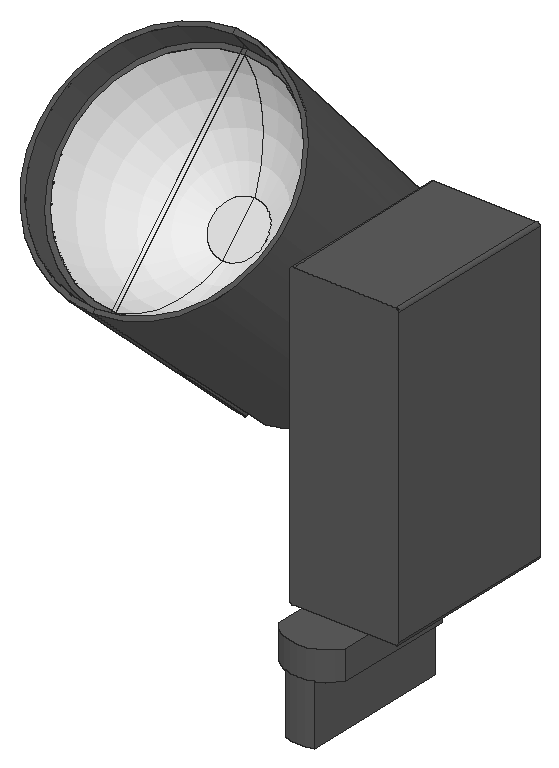
Revit family "0004906 Feilo Sylvania Lighting Fixture START TRACK SPOT L 55W 4K RA90 WB BLACK", category Lighting Fixtures, host Face, Revit 2017 (continued)
Definition of nested family "Start Track Spot Head"
  Types (96, lengths in mm): name | Wattage | built-in parameter 1150134 | Photometric Web File | Model | built-in parameter 1150105 | Lumens | built-in parameter 1150107 | built-in parameter 1150106 | HeadThickness_FEILO | HeadRibOffset_FEILO | HeadRibDepth_FEILO | HeadRibCutWidth_FEILO | HeadRibCutOffset_FEILO | HeadReflectorRadius_FEILO | HeadReflectorOffset_FEILO | HeadLEDRadius_FEILO | HeadHeight_FEILO | HeadDiffusorOffset_FEILO | HeadDiaOut_FEILO | HeadDiaIn_FEILO | HeadAxisFromTop_FEILO | Emit from Circle Diameter | built-in parameter 1150104 | Description | Apparent Load
    0004864 START TRACK SPOT S 24W 3K RA90 WB WHITE | 24 W | (empty or 0) | "0004864.ies" | "START TRACK SPOT S 24W 3K RA90 WB WHITE" | 152.79 (stored number, unit not read) | 1920 lm | 3000 (stored number, unit not read) | 1.5279 (stored number, unit not read) | 1.5 | 4.179 | 55.714 | 7.167 | 50.87 | 50.588 | 55.714 | 9.556 | 117 | 9.435 | 86 | 77.477 | 69.354 | 77.477 | 7.4322 (stored number, unit not read) | "Integrated LED spotlight, Textured White - RAL9016, compact and minimalist design, ideal for retail applications, die-cast aluminium body, passive cooling heatsink. Beam angle: 64°, color temperature: 3000K , total system power: 24W, total fixture output: 1928 lm, LOR: 100%, colour rendering: Ra: 90 typical, LED Chromaticity: 3 step MacAdam ellipse, lifetime: >50000 hours at L70B50, energy class: A++, A+, A, IR/UV free light source without heat radiation, operating voltage: 220-240V / 50-60Hz, drive current: 600mA, electronic driver, non-dimmable, power factor: 0.95, electrical protection: Class II, Global Track 3 Phase adapter suitable for Global trac 3-circuit tracks, ingress protection rating: IP20, suitable for internal environment only, horizontal rotation: 355°, vertical tilt: 90°, dimensions: Ø86x140x200, weight: 0.966kg." | 24 VA
    0004863 START TRACK SPOT S 24W 3K RA90 MB WHITE | 24 W | (empty or 0) | "0004863.ies" | "START TRACK SPOT S 24W 3K RA90 MB WHITE" | 154.7 (stored number, unit not read) | 1944 lm | 3000 (stored number, unit not read) | 1.547 (stored number, unit not read) | 1.5 | 4.179 | 55.714 | 7.167 | 50.87 | 50.588 | 55.714 | 9.556 | 117 | 9.435 | 86 | 77.477 | 69.354 | 77.477 | 7.5251 (stored number, unit not read) | "Integrated LED spotlight, Textured White - RAL9016, compact and minimalist design, ideal for retail applications, die-cast aluminium body, passive cooling heatsink. Beam angle: 36°, color temperature: 3000K , total system power: 24W, total fixture output: 1944 lm, LOR: 100%, colour rendering: Ra: 90 typical, LED Chromaticity: 3 step MacAdam ellipse, lifetime: >50000 hours at L70B50, energy class: A++, A+, A, IR/UV free light source without heat radiation, operating voltage: 220-240V / 50-60Hz, drive current: 600mA, electronic driver, non-dimmable, power factor: 0.95, electrical protection: Class II, Global Track 3 Phase adapter suitable for Global trac 3-circuit tracks, ingress protection rating: IP20, suitable for internal environment only, horizontal rotation: 355°, vertical tilt: 90°, dimensions: Ø86x140x200, weight: 0.966kg." | 24 VA
    0004862 START TRACK SPOT S 24W 3K RA90 NB WHITE | 24 W | (empty or 0) | "0004862.ies" | "START TRACK SPOT S 24W 3K RA90 NB WHITE" | 158.52 (stored number, unit not read) | 1992 lm | 3000 (stored number, unit not read) | 1.5852 (stored number, unit not read) | 1.5 | 4.179 | 55.714 | 7.167 | 50.87 | 50.588 | 55.714 | 9.556 | 117 | 9.435 | 86 | 77.477 | 69.354 | 77.477 | 7.711 (stored number, unit not read) | "Integrated LED spotlight, Textured White - RAL9016, compact and minimalist design, ideal for retail applications, die-cast aluminium body, passive cooling heatsink. Beam angle: 12°, color temperature: 3000K , total system power: 24W, total fixture output: 1987 lm, LOR: 100%, colour rendering: Ra: 90 typical, LED Chromaticity: 3 step MacAdam ellipse, lifetime: >50000 hours at L70B50, energy class: A++, A+, A, IR/UV free light source without heat radiation, operating voltage: 220-240V / 50-60Hz, drive current: 600mA, electronic driver, non-dimmable, power factor: 0.95, electrical protection: Class II, Global Track 3 Phase adapter suitable for Global trac 3-circuit tracks, ingress protection rating: IP20, suitable for internal environment only, horizontal rotation: 355°, vertical tilt: 90°, dimensions: Ø86x140x200, weight: 0.966kg." | 24 VA
    0004861 START TRACK SPOT S 14W 3K RA90 WB WHITE | 14 W | (empty or 0) | "0004861.ies" | "START TRACK SPOT S 14W 3K RA90 WB WHITE" | 100.27 (stored number, unit not read) | 1260 lm | 3000 (stored number, unit not read) | 1.0027 (stored number, unit not read) | 1.5 | 4.179 | 55.714 | 7.167 | 50.87 | 50.588 | 55.714 | 9.556 | 117 | 9.435 | 86 | 77.477 | 69.354 | 77.477 | 8.3613 (stored number, unit not read) | "Integrated LED spotlight, Textured White - RAL9016, compact and minimalist design, ideal for retail applications, die-cast aluminium body, passive cooling heatsink. Beam angle: 64°, color temperature: 3000K , total system power: 14W, total fixture output: 1262 lm, LOR: 100%, colour rendering: Ra: 90 typical, LED Chromaticity: 3 step MacAdam ellipse, lifetime: >50000 hours at L70B50, energy class: A++, A+, A, IR/UV free light source without heat radiation, operating voltage: 220-240V / 50-60Hz, drive current: 350mA, electronic driver, non-dimmable, power factor: 0.92, electrical protection: Class II, Global Track 3 Phase adapter suitable for Global trac 3-circuit tracks, ingress protection rating: IP20, suitable for internal environment only, horizontal rotation: 355°, vertical tilt: 90°, dimensions: Ø86x140x200, weight: 0.940kg." | 14 VA
    0004860 START TRACK SPOT S 14W 3K RA90 MB WHITE | 14 W | (empty or 0) | "0004860.ies" | "START TRACK SPOT S 14W 3K RA90 MB WHITE" | 100.27 (stored number, unit not read) | 1260 lm | 3000 (stored number, unit not read) | 1.0027 (stored number, unit not read) | 1.5 | 4.179 | 55.714 | 7.167 | 50.87 | 50.588 | 55.714 | 9.556 | 117 | 9.435 | 86 | 77.477 | 69.354 | 77.477 | 8.3613 (stored number, unit not read) | "Integrated LED spotlight, Textured White - RAL9016, compact and minimalist design, ideal for retail applications, die-cast aluminium body, passive cooling heatsink. Beam angle: 36°, color temperature: 3000K , total system power: 14W, total fixture output: 1262 lm, LOR: 100%, colour rendering: Ra: 90 typical, LED Chromaticity: 3 step MacAdam ellipse, lifetime: >50000 hours at L70B50, energy class: A++, A+, A, IR/UV free light source without heat radiation, operating voltage: 220-240V / 50-60Hz, drive current: 350mA, electronic driver, non-dimmable, power factor: 0.92, electrical protection: Class II, Global Track 3 Phase adapter suitable for Global trac 3-circuit tracks, ingress protection rating: IP20, suitable for internal environment only, horizontal rotation: 355°, vertical tilt: 90°, dimensions: Ø86x140x200, weight: 0.940kg." | 14 VA
    0004859 START TRACK SPOT S 14W 3K RA90 NB WHITE | 14 W | (empty or 0) | "0004859.ies" | "START TRACK SPOT S 14W 3K RA90 NB WHITE" | 102.5 (stored number, unit not read) | 1288 lm | 3000 (stored number, unit not read) | 1.025 (stored number, unit not read) | 1.5 | 4.179 | 55.714 | 7.167 | 50.87 | 50.588 | 55.714 | 9.556 | 117 | 9.435 | 86 | 77.477 | 69.354 | 77.477 | 8.5471 (stored number, unit not read) | "Integrated LED spotlight, Textured White - RAL9016, compact and minimalist design, ideal for retail applications, die-cast aluminium body, passive cooling heatsink. Beam angle: 12°, color temperature: 3000K , total system power: 14W, total fixture output: 1284 lm, LOR: 100%, colour rendering: Ra: 90 typical, LED Chromaticity: 3 step MacAdam ellipse, lifetime: >50000 hours at L70B50, energy class: A++, A+, A, IR/UV free light source without heat radiation, operating voltage: 220-240V / 50-60Hz, drive current: 350mA, electronic driver, non-dimmable, power factor: 0.92, electrical protection: Class II, Global Track 3 Phase adapter suitable for Global trac 3-circuit tracks, ingress protection rating: IP20, suitable for internal environment only, horizontal rotation: 355°, vertical tilt: 90°, dimensions: Ø86x140x200, weight: 0.940kg." | 14 VA
    0004858 START TRACK SPOT L 55W 4K RA80 WB BLACK | 55 W | 12 | "0004858.ies" | "START TRACK SPOT L 55W 4K RA80 WB BLACK" | 424.55 (stored number, unit not read) | 5335 lm | 4000 (stored number, unit not read) | 4.2455 (stored number, unit not read) | 2 | 4.429 | 59.048 | 9.417 | 53.913 | 66.471 | 59.048 | 12.556 | 124 | 10 | 113 | 101.802 | 73.503 | 101.802 | 9.0116 (stored number, unit not read) | "Integrated LED spotlight, Textured Black - RAL9005, compact and minimalist design, ideal for retail applications, die-cast aluminium body, passive cooling heatsink. Beam angle: 52°, color temperature: 4000K , total system power: 55W, total fixture output: 5320 lm, LOR: 100%, colour rendering: Ra: 80 typical, LED Chromaticity: 3 step MacAdam ellipse, lifetime: >50000 hours at L70B50, energy class: A++, A+, A, IR/UV free light source without heat radiation, operating voltage: 220-240V / 50-60Hz, drive current: 1400mA, electronic driver, non-dimmable, power factor: 0.96, electrical protection: Class II, Global Track 3 Phase adapter suitable for Global trac 3-circuit tracks, ingress protection rating: IP20, suitable for internal environment only, horizontal rotation: 355°, vertical tilt: 90°, dimensions: Ø113x164x240, weight: 1.398kg." | 55 VA
    0004857 START TRACK SPOT L 55W 4K RA80 MB BLACK | 55 W | 12 | "0004857.ies" | "START TRACK SPOT L 55W 4K RA80 MB BLACK" | 428.92 (stored number, unit not read) | 5390 lm | 4000 (stored number, unit not read) | 4.2892 (stored number, unit not read) | 2 | 4.429 | 59.048 | 9.417 | 53.913 | 66.471 | 59.048 | 12.556 | 124 | 10 | 113 | 101.802 | 73.503 | 101.802 | 9.1045 (stored number, unit not read) | "Integrated LED spotlight, Textured Black - RAL9005, compact and minimalist design, ideal for retail applications, die-cast aluminium body, passive cooling heatsink. Beam angle: 38°, color temperature: 4000K , total system power: 55W, total fixture output: 5378 lm, LOR: 100%, colour rendering: Ra: 80 typical, LED Chromaticity: 3 step MacAdam ellipse, lifetime: >50000 hours at L70B50, energy class: A++, A+, A, IR/UV free light source without heat radiation, operating voltage: 220-240V / 50-60Hz, drive current: 1400mA, electronic driver, non-dimmable, power factor: 0.96, electrical protection: Class II, Global Track 3 Phase adapter suitable for Global trac 3-circuit tracks, ingress protection rating: IP20, suitable for internal environment only, horizontal rotation: 355°, vertical tilt: 90°, dimensions: Ø113x164x240, weight: 1.398kg." | 55 VA
    0004856 START TRACK SPOT L 55W 4K RA80 NB BLACK | 55 W | 12 | "0004856.ies" | "START TRACK SPOT L 55W 4K RA80 NB BLACK" | 433.3 (stored number, unit not read) | 5445 lm | 4000 (stored number, unit not read) | 4.333 (stored number, unit not read) | 2 | 4.429 | 59.048 | 9.417 | 53.913 | 66.471 | 59.048 | 12.556 | 124 | 10 | 113 | 101.802 | 73.503 | 101.802 | 9.1974 (stored number, unit not read) | "Integrated LED spotlight, Textured Black - RAL9005, compact and minimalist design, ideal for retail applications, die-cast aluminium body, passive cooling heatsink. Beam angle: 15°, color temperature: 4000K , total system power: 55W, total fixture output: 5426 lm, LOR: 100%, colour rendering: Ra: 80 typical, LED Chromaticity: 3 step MacAdam ellipse, lifetime: >50000 hours at L70B50, energy class: A++, A+, A, IR/UV free light source without heat radiation, operating voltage: 220-240V / 50-60Hz, drive current: 1400mA, electronic driver, non-dimmable, power factor: 0.96, electrical protection: Class II, Global Track 3 Phase adapter suitable for Global trac 3-circuit tracks, ingress protection rating: IP20, suitable for internal environment only, horizontal rotation: 355°, vertical tilt: 90°, dimensions: Ø113x164x240, weight: 1.398kg." | 55 VA
    0004855 START TRACK SPOT L 35W 4K RA80 WB BLACK | 35 W | 12 | "0004855.ies" | "START TRACK SPOT L 35W 4K RA80 WB BLACK" | 320.3 (stored number, unit not read) | 4025 lm | 4000 (stored number, unit not read) | 3.203 (stored number, unit not read) | 2 | 4.429 | 59.048 | 9.417 | 53.913 | 66.471 | 59.048 | 12.556 | 124 | 10 | 113 | 101.802 | 73.503 | 101.802 | 10.684 (stored number, unit not read) | "Integrated LED spotlight, Textured Black - RAL9005, compact and minimalist design, ideal for retail applications, die-cast aluminium body, passive cooling heatsink. Beam angle: 52°, color temperature: 4000K , total system power: 35W, total fixture output: 4010 lm, LOR: 100%, colour rendering: Ra: 80 typical, LED Chromaticity: 3 step MacAdam ellipse, lifetime: >50000 hours at L70B50, energy class: A++, A+, A, IR/UV free light source without heat radiation, operating voltage: 220-240V / 50-60Hz, drive current: 900mA, electronic driver, non-dimmable, power factor: 0.93, electrical protection: Class II, Global Track 3 Phase adapter suitable for Global trac 3-circuit tracks, ingress protection rating: IP20, suitable for internal environment only, horizontal rotation: 355°, vertical tilt: 90°, dimensions: Ø113x164x240, weight: 1.368kg." | 35 VA
    0004854 START TRACK SPOT L 35W 4K RA80 MB BLACK | 35 W | 12 | "0004854.ies" | "START TRACK SPOT L 35W 4K RA80 MB BLACK" | 320.3 (stored number, unit not read) | 4025 lm | 4000 (stored number, unit not read) | 3.203 (stored number, unit not read) | 2 | 4.429 | 59.048 | 9.417 | 53.913 | 66.471 | 59.048 | 12.556 | 124 | 10 | 113 | 101.802 | 73.503 | 101.802 | 10.684 (stored number, unit not read) | "Integrated LED spotlight, Textured Black - RAL9005, compact and minimalist design, ideal for retail applications, die-cast aluminium body, passive cooling heatsink. Beam angle: 38°, color temperature: 4000K , total system power: 35W, total fixture output: 4017 lm, LOR: 100%, colour rendering: Ra: 80 typical, LED Chromaticity: 3 step MacAdam ellipse, lifetime: >50000 hours at L70B50, energy class: A++, A+, A, IR/UV free light source without heat radiation, operating voltage: 220-240V / 50-60Hz, drive current: 900mA, electronic driver, non-dimmable, power factor: 0.93, electrical protection: Class II, Global Track 3 Phase adapter suitable for Global trac 3-circuit tracks, ingress protection rating: IP20, suitable for internal environment only, horizontal rotation: 355°, vertical tilt: 90°, dimensions: Ø113x164x240, weight: 1.368kg." | 35 VA
    0004853 START TRACK SPOT L 35W 4K RA80 NB BLACK | 35 W | 12 | "0004853.ies" | "START TRACK SPOT L 35W 4K RA80 NB BLACK" | 331.44 (stored number, unit not read) | 4165 lm | 4000 (stored number, unit not read) | 3.3144 (stored number, unit not read) | 2 | 4.429 | 59.048 | 9.417 | 53.913 | 66.471 | 59.048 | 12.556 | 124 | 10 | 113 | 101.802 | 73.503 | 101.802 | 11.055 (stored number, unit not read) | "Integrated LED spotlight, Textured Black - RAL9005, compact and minimalist design, ideal for retail applications, die-cast aluminium body, passive cooling heatsink. Beam angle: 15°, color temperature: 4000K , total system power: 35W, total fixture output: 4174 lm, LOR: 100%, colour rendering: Ra: 80 typical, LED Chromaticity: 3 step MacAdam ellipse, lifetime: >50000 hours at L70B50, energy class: A++, A+, A, IR/UV free light source without heat radiation, operating voltage: 220-240V / 50-60Hz, drive current: 900mA, electronic driver, non-dimmable, power factor: 0.93, electrical protection: Class II, Global Track 3 Phase adapter suitable for Global trac 3-circuit tracks, ingress protection rating: IP20, suitable for internal environment only, horizontal rotation: 355°, vertical tilt: 90°, dimensions: Ø113x164x240, weight: 1.368kg." | 35 VA
    0004852 START TRACK SPOT S 24W 4K RA80 WB BLACK | 24 W | 12 | "0004852.ies" | "START TRACK SPOT S 24W 4K RA80 WB BLACK" | 196.72 (stored number, unit not read) | 2472 lm | 4000 (stored number, unit not read) | 1.9672 (stored number, unit not read) | 1.5 | 4.179 | 55.714 | 7.167 | 50.87 | 50.588 | 55.714 | 9.556 | 117 | 9.435 | 86 | 77.477 | 69.354 | 77.477 | 9.569 (stored number, unit not read) | "Integrated LED spotlight, Textured Black - RAL9005, compact and minimalist design, ideal for retail applications, die-cast aluminium body, passive cooling heatsink. Beam angle: 64°, color temperature: 4000K , total system power: 24W, total fixture output: 2476 lm, LOR: 100%, colour rendering: Ra: 80 typical, LED Chromaticity: 3 step MacAdam ellipse, lifetime: >50000 hours at L70B50, energy class: A++, A+, A, IR/UV free light source without heat radiation, operating voltage: 220-240V / 50-60Hz, drive current: 600mA, electronic driver, non-dimmable, power factor: 0.95, electrical protection: Class II, Global Track 3 Phase adapter suitable for Global trac 3-circuit tracks, ingress protection rating: IP20, suitable for internal environment only, horizontal rotation: 355°, vertical tilt: 90°, dimensions: Ø86x140x200, weight: 0.966kg." | 24 VA
    0004851 START TRACK SPOT S 24W 4K RA80 MB BLACK | 24 W | 12 | "0004851.ies" | "START TRACK SPOT S 24W 4K RA80 MB BLACK" | 198.63 (stored number, unit not read) | 2496 lm | 4000 (stored number, unit not read) | 1.9863 (stored number, unit not read) | 1.5 | 4.179 | 55.714 | 7.167 | 50.87 | 50.588 | 55.714 | 9.556 | 117 | 9.435 | 86 | 77.477 | 69.354 | 77.477 | 9.6619 (stored number, unit not read) | "Integrated LED spotlight, Textured Black - RAL9005, compact and minimalist design, ideal for retail applications, die-cast aluminium body, passive cooling heatsink. Beam angle: 36°, color temperature: 4000K , total system power: 24W, total fixture output: 2487 lm, LOR: 100%, colour rendering: Ra: 80 typical, LED Chromaticity: 3 step MacAdam ellipse, lifetime: >50000 hours at L70B50, energy class: A++, A+, A, IR/UV free light source without heat radiation, operating voltage: 220-240V / 50-60Hz, drive current: 600mA, electronic driver, non-dimmable, power factor: 0.95, electrical protection: Class II, Global Track 3 Phase adapter suitable for Global trac 3-circuit tracks, ingress protection rating: IP20, suitable for internal environment only, horizontal rotation: 355°, vertical tilt: 90°, dimensions: Ø86x140x200, weight: 0.966kg." | 24 VA
    0004850 START TRACK SPOT S 24W 4K RA80 NB BLACK | 24 W | 12 | "0004850.ies" | "START TRACK SPOT S 24W 4K RA80 NB BLACK" | 200.54 (stored number, unit not read) | 2520 lm | 4000 (stored number, unit not read) | 2.0054 (stored number, unit not read) | 1.5 | 4.179 | 55.714 | 7.167 | 50.87 | 50.588 | 55.714 | 9.556 | 117 | 9.435 | 86 | 77.477 | 69.354 | 77.477 | 9.7548 (stored number, unit not read) | "Integrated LED spotlight, Textured Black - RAL9005, compact and minimalist design, ideal for retail applications, die-cast aluminium body, passive cooling heatsink. Beam angle: 12°, color temperature: 4000K , total system power: 24W, total fixture output: 2529 lm, LOR: 100%, colour rendering: Ra: 80 typical, LED Chromaticity: 3 step MacAdam ellipse, lifetime: >50000 hours at L70B50, energy class: A++, A+, A, IR/UV free light source without heat radiation, operating voltage: 220-240V / 50-60Hz, drive current: 600mA, electronic driver, non-dimmable, power factor: 0.95, electrical protection: Class II, Global Track 3 Phase adapter suitable for Global trac 3-circuit tracks, ingress protection rating: IP20, suitable for internal environment only, horizontal rotation: 355°, vertical tilt: 90°, dimensions: Ø86x140x200, weight: 0.966kg." | 24 VA
    0004849 START TRACK SPOT S 14W 4K RA80 WB BLACK | 14 W | 12 | "0004849.ies" | "START TRACK SPOT S 14W 4K RA80 WB BLACK" | 123.66 (stored number, unit not read) | 1554 lm | 4000 (stored number, unit not read) | 1.2366 (stored number, unit not read) | 1.5 | 4.179 | 55.714 | 7.167 | 50.87 | 50.588 | 55.714 | 9.556 | 117 | 9.435 | 86 | 77.477 | 69.354 | 77.477 | 10.312 (stored number, unit not read) | "Integrated LED spotlight, Textured Black - RAL9005, compact and minimalist design, ideal for retail applications, die-cast aluminium body, passive cooling heatsink. Beam angle: 64°, color temperature: 4000K , total system power: 14W, total fixture output: 1558 lm, LOR: 100%, colour rendering: Ra: 80 typical, LED Chromaticity: 3 step MacAdam ellipse, lifetime: >50000 hours at L70B50, energy class: A++, A+, A, IR/UV free light source without heat radiation, operating voltage: 220-240V / 50-60Hz, drive current: 350mA, electronic driver, non-dimmable, power factor: 0.92, electrical protection: Class II, Global Track 3 Phase adapter suitable for Global trac 3-circuit tracks, ingress protection rating: IP20, suitable for internal environment only, horizontal rotation: 355°, vertical tilt: 90°, dimensions: Ø86x140x200, weight: 0.940kg." | 14 VA
    0004848 START TRACK SPOT S 14W 4K RA80 MB BLACK | 14 W | 12 | "0004848.ies" | "START TRACK SPOT S 14W 4K RA80 MB BLACK" | 127.01 (stored number, unit not read) | 1596 lm | 4000 (stored number, unit not read) | 1.2701 (stored number, unit not read) | 1.5 | 4.179 | 55.714 | 7.167 | 50.87 | 50.588 | 55.714 | 9.556 | 117 | 9.435 | 86 | 77.477 | 69.354 | 77.477 | 10.591 (stored number, unit not read) | "Integrated LED spotlight, Textured Black - RAL9005, compact and minimalist design, ideal for retail applications, die-cast aluminium body, passive cooling heatsink. Beam angle: 36°, color temperature: 4000K , total system power: 14W, total fixture output: 1598 lm, LOR: 100%, colour rendering: Ra: 80 typical, LED Chromaticity: 3 step MacAdam ellipse, lifetime: >50000 hours at L70B50, energy class: A++, A+, A, IR/UV free light source without heat radiation, operating voltage: 220-240V / 50-60Hz, drive current: 350mA, electronic driver, non-dimmable, power factor: 0.92, electrical protection: Class II, Global Track 3 Phase adapter suitable for Global trac 3-circuit tracks, ingress protection rating: IP20, suitable for internal environment only, horizontal rotation: 355°, vertical tilt: 90°, dimensions: Ø86x140x200, weight: 0.940kg." | 14 VA
    0004847 START TRACK SPOT S 14W 4K RA80 NB BLACK | 14 W | 12 | "0004847.ies" | "START TRACK SPOT S 14W 4K RA80 NB BLACK" | 128.12 (stored number, unit not read) | 1610 lm | 4000 (stored number, unit not read) | 1.2812 (stored number, unit not read) | 1.5 | 4.179 | 55.714 | 7.167 | 50.87 | 50.588 | 55.714 | 9.556 | 117 | 9.435 | 86 | 77.477 | 69.354 | 77.477 | 10.684 (stored number, unit not read) | "Integrated LED spotlight, Textured Black - RAL9005, compact and minimalist design, ideal for retail applications, die-cast aluminium body, passive cooling heatsink. Beam angle: 12°, color temperature: 4000K , total system power: 14W, total fixture output: 1608 lm, LOR: 100%, colour rendering: Ra: 80 typical, LED Chromaticity: 3 step MacAdam ellipse, lifetime: >50000 hours at L70B50, energy class: A++, A+, A, IR/UV free light source without heat radiation, operating voltage: 220-240V / 50-60Hz, drive current: 350mA, electronic driver, non-dimmable, power factor: 0.92, electrical protection: Class II, Global Track 3 Phase adapter suitable for Global trac 3-circuit tracks, ingress protection rating: IP20, suitable for internal environment only, horizontal rotation: 355°, vertical tilt: 90°, dimensions: Ø86x140x200, weight: 0.940kg." | 14 VA
    0004846 START TRACK SPOT L 55W 3K RA80 WB BLACK | 55 W | (empty or 0) | "0004846.ies" | "START TRACK SPOT L 55W 3K RA80 WB BLACK" | 420.17 (stored number, unit not read) | 5280 lm | 3000 (stored number, unit not read) | 4.2017 (stored number, unit not read) | 2 | 4.429 | 59.048 | 9.417 | 53.913 | 66.471 | 59.048 | 12.556 | 124 | 10 | 113 | 101.802 | 73.503 | 101.802 | 8.9187 (stored number, unit not read) | "Integrated LED spotlight, Textured Black - RAL9005, compact and minimalist design, ideal for retail applications, die-cast aluminium body, passive cooling heatsink. Beam angle: 52°, color temperature: 3000K , total system power: 55W, total fixture output: 5298 lm, LOR: 100%, colour rendering: Ra: 80 typical, LED Chromaticity: 3 step MacAdam ellipse, lifetime: >50000 hours at L70B50, energy class: A++, A+, A, IR/UV free light source without heat radiation, operating voltage: 220-240V / 50-60Hz, drive current: 1400mA, electronic driver, non-dimmable, power factor: 0.96, electrical protection: Class II, Global Track 3 Phase adapter suitable for Global trac 3-circuit tracks, ingress protection rating: IP20, suitable for internal environment only, horizontal rotation: 355°, vertical tilt: 90°, dimensions: Ø113x164x240, weight: 1.398kg." | 55 VA
    0004845 START TRACK SPOT L 55W 3K RA80 MB BLACK | 55 W | (empty or 0) | "0004845.ies" | "START TRACK SPOT L 55W 3K RA80 MB BLACK" | 428.92 (stored number, unit not read) | 5390 lm | 3000 (stored number, unit not read) | 4.2892 (stored number, unit not read) | 2 | 4.429 | 59.048 | 9.417 | 53.913 | 66.471 | 59.048 | 12.556 | 124 | 10 | 113 | 101.802 | 73.503 | 101.802 | 9.1045 (stored number, unit not read) | "Integrated LED spotlight, Textured Black - RAL9005, compact and minimalist design, ideal for retail applications, die-cast aluminium body, passive cooling heatsink. Beam angle: 38°, color temperature: 3000K , total system power: 55W, total fixture output: 5381 lm, LOR: 100%, colour rendering: Ra: 80 typical, LED Chromaticity: 3 step MacAdam ellipse, lifetime: >50000 hours at L70B50, energy class: A++, A+, A, IR/UV free light source without heat radiation, operating voltage: 220-240V / 50-60Hz, drive current: 1400mA, electronic driver, non-dimmable, power factor: 0.96, electrical protection: Class II, Global Track 3 Phase adapter suitable for Global trac 3-circuit tracks, ingress protection rating: IP20, suitable for internal environment only, horizontal rotation: 355°, vertical tilt: 90°, dimensions: Ø113x164x240, weight: 1.398kg." | 55 VA
    0004844 START TRACK SPOT L 55W 3K RA80 NB BLACK | 55 W | (empty or 0) | "0004844.ies" | "START TRACK SPOT L 55W 3K RA80 NB BLACK" | 433.3 (stored number, unit not read) | 5445 lm | 3000 (stored number, unit not read) | 4.333 (stored number, unit not read) | 2 | 4.429 | 59.048 | 9.417 | 53.913 | 66.471 | 59.048 | 12.556 | 124 | 10 | 113 | 101.802 | 73.503 | 101.802 | 9.1974 (stored number, unit not read) | "Integrated LED spotlight, Textured Black - RAL9005, compact and minimalist design, ideal for retail applications, die-cast aluminium body, passive cooling heatsink. Beam angle: 15°, color temperature: 3000K , total system power: 55W, total fixture output: 5449 lm, LOR: 100%, colour rendering: Ra: 80 typical, LED Chromaticity: 3 step MacAdam ellipse, lifetime: >50000 hours at L70B50, energy class: A++, A+, A, IR/UV free light source without heat radiation, operating voltage: 220-240V / 50-60Hz, drive current: 1400mA, electronic driver, non-dimmable, power factor: 0.96, electrical protection: Class II, Global Track 3 Phase adapter suitable for Global trac 3-circuit tracks, ingress protection rating: IP20, suitable for internal environment only, horizontal rotation: 355°, vertical tilt: 90°, dimensions: Ø113x164x240, weight: 1.398kg." | 55 VA
    0004843 START TRACK SPOT L 35W 3K RA80 WB BLACK | 35 W | (empty or 0) | "0004843.ies" | "START TRACK SPOT L 35W 3K RA80 WB BLACK" | 314.73 (stored number, unit not read) | 3955 lm | 3000 (stored number, unit not read) | 3.1473 (stored number, unit not read) | 2 | 4.429 | 59.048 | 9.417 | 53.913 | 66.471 | 59.048 | 12.556 | 124 | 10 | 113 | 101.802 | 73.503 | 101.802 | 10.498 (stored number, unit not read) | "Integrated LED spotlight, Textured Black - RAL9005, compact and minimalist design, ideal for retail applications, die-cast aluminium body, passive cooling heatsink. Beam angle: 52°, color temperature: 3000K , total system power: 35W, total fixture output: 3943 lm, LOR: 100%, colour rendering: Ra: 80 typical, LED Chromaticity: 3 step MacAdam ellipse, lifetime: >50000 hours at L70B50, energy class: A++, A+, A, IR/UV free light source without heat radiation, operating voltage: 220-240V / 50-60Hz, drive current: 900mA, electronic driver, non-dimmable, power factor: 0.93, electrical protection: Class II, Global Track 3 Phase adapter suitable for Global trac 3-circuit tracks, ingress protection rating: IP20, suitable for internal environment only, horizontal rotation: 355°, vertical tilt: 90°, dimensions: Ø113x164x240, weight: 1.368kg." | 35 VA
    0004842 START TRACK SPOT L 35W 3K RA80 MB BLACK | 35 W | (empty or 0) | "0004842.ies" | "START TRACK SPOT L 35W 3K RA80 MB BLACK" | 320.3 (stored number, unit not read) | 4025 lm | 3000 (stored number, unit not read) | 3.203 (stored number, unit not read) | 2 | 4.429 | 59.048 | 9.417 | 53.913 | 66.471 | 59.048 | 12.556 | 124 | 10 | 113 | 101.802 | 73.503 | 101.802 | 10.684 (stored number, unit not read) | "Integrated LED spotlight, Textured Black - RAL9005, compact and minimalist design, ideal for retail applications, die-cast aluminium body, passive cooling heatsink. Beam angle: 38°, color temperature: 3000K , total system power: 35W, total fixture output: 4008 lm, LOR: 100%, colour rendering: Ra: 80 typical, LED Chromaticity: 3 step MacAdam ellipse, lifetime: >50000 hours at L70B50, energy class: A++, A+, A, IR/UV free light source without heat radiation, operating voltage: 220-240V / 50-60Hz, drive current: 900mA, electronic driver, non-dimmable, power factor: 0.93, electrical protection: Class II, Global Track 3 Phase adapter suitable for Global trac 3-circuit tracks, ingress protection rating: IP20, suitable for internal environment only, horizontal rotation: 355°, vertical tilt: 90°, dimensions: Ø113x164x240, weight: 1.368kg." | 35 VA
    0004841 START TRACK SPOT L 35W 3K RA80 NB BLACK | 35 W | (empty or 0) | "0004841.ies" | "START TRACK SPOT L 35W 3K RA80 NB BLACK" | 317.51 (stored number, unit not read) | 3990 lm | 3000 (stored number, unit not read) | 3.1751 (stored number, unit not read) | 2 | 4.429 | 59.048 | 9.417 | 53.913 | 66.471 | 59.048 | 12.556 | 124 | 10 | 113 | 101.802 | 73.503 | 101.802 | 10.591 (stored number, unit not read) | "Integrated LED spotlight, Textured Black - RAL9005, compact and minimalist design, ideal for retail applications, die-cast aluminium body, passive cooling heatsink. Beam angle: 15°, color temperature: 3000K , total system power: 35W, total fixture output: 4005 lm, LOR: 100%, colour rendering: Ra: 80 typical, LED Chromaticity: 3 step MacAdam ellipse, lifetime: >50000 hours at L70B50, energy class: A++, A+, A, IR/UV free light source without heat radiation, operating voltage: 220-240V / 50-60Hz, drive current: 900mA, electronic driver, non-dimmable, power factor: 0.93, electrical protection: Class II, Global Track 3 Phase adapter suitable for Global trac 3-circuit tracks, ingress protection rating: IP20, suitable for internal environment only, horizontal rotation: 355°, vertical tilt: 90°, dimensions: Ø113x164x240, weight: 1.368kg." | 35 VA
    0004840 START TRACK SPOT S 24W 3K RA80 WB BLACK | 24 W | (empty or 0) | "0004840.ies" | "START TRACK SPOT S 24W 3K RA80 WB BLACK" | 185.26 (stored number, unit not read) | 2328 lm | 3000 (stored number, unit not read) | 1.8526 (stored number, unit not read) | 1.5 | 4.179 | 55.714 | 7.167 | 50.87 | 50.588 | 55.714 | 9.556 | 117 | 9.435 | 86 | 77.477 | 69.354 | 77.477 | 9.0116 (stored number, unit not read) | "Integrated LED spotlight, Textured Black - RAL9005, compact and minimalist design, ideal for retail applications, die-cast aluminium body, passive cooling heatsink. Beam angle: 64°, color temperature: 3000K , total system power: 24W, total fixture output: 2318 lm, LOR: 100%, colour rendering: Ra: 80 typical, LED Chromaticity: 3 step MacAdam ellipse, lifetime: >50000 hours at L70B50, energy class: A++, A+, A, IR/UV free light source without heat radiation, operating voltage: 220-240V / 50-60Hz, drive current: 600mA, electronic driver, non-dimmable, power factor: 0.95, electrical protection: Class II, Global Track 3 Phase adapter suitable for Global trac 3-circuit tracks, ingress protection rating: IP20, suitable for internal environment only, horizontal rotation: 355°, vertical tilt: 90°, dimensions: Ø86x140x200, weight: 0.966kg." | 24 VA
    0004839 START TRACK SPOT S 24W 3K RA80 MB BLACK | 24 W | (empty or 0) | "0004839.ies" | "START TRACK SPOT S 24W 3K RA80 MB BLACK" | 183.35 (stored number, unit not read) | 2304 lm | 3000 (stored number, unit not read) | 1.8335 (stored number, unit not read) | 1.5 | 4.179 | 55.714 | 7.167 | 50.87 | 50.588 | 55.714 | 9.556 | 117 | 9.435 | 86 | 77.477 | 69.354 | 77.477 | 8.9187 (stored number, unit not read) | "Integrated LED spotlight, Textured Black - RAL9005, compact and minimalist design, ideal for retail applications, die-cast aluminium body, passive cooling heatsink. Beam angle: 36°, color temperature: 3000K , total system power: 24W, total fixture output: 2314 lm, LOR: 100%, colour rendering: Ra: 80 typical, LED Chromaticity: 3 step MacAdam ellipse, lifetime: >50000 hours at L70B50, energy class: A++, A+, A, IR/UV free light source without heat radiation, operating voltage: 220-240V / 50-60Hz, drive current: 600mA, electronic driver, non-dimmable, power factor: 0.95, electrical protection: Class II, Global Track 3 Phase adapter suitable for Global trac 3-circuit tracks, ingress protection rating: IP20, suitable for internal environment only, horizontal rotation: 355°, vertical tilt: 90°, dimensions: Ø86x140x200, weight: 0.966kg." | 24 VA
    0004838 START TRACK SPOT S 24W 3K RA80 NB BLACK | 24 W | (empty or 0) | "0004838.ies" | "START TRACK SPOT S 24W 3K RA80 NB BLACK" | 185.26 (stored number, unit not read) | 2328 lm | 3000 (stored number, unit not read) | 1.8526 (stored number, unit not read) | 1.5 | 4.179 | 55.714 | 7.167 | 50.87 | 50.588 | 55.714 | 9.556 | 117 | 9.435 | 86 | 77.477 | 69.354 | 77.477 | 9.0116 (stored number, unit not read) | "Integrated LED spotlight, Textured Black - RAL9005, compact and minimalist design, ideal for retail applications, die-cast aluminium body, passive cooling heatsink. Beam angle: 12°, color temperature: 3000K , total system power: 24W, total fixture output: 2334 lm, LOR: 100%, colour rendering: Ra: 80 typical, LED Chromaticity: 3 step MacAdam ellipse, lifetime: >50000 hours at L70B50, energy class: A++, A+, A, IR/UV free light source without heat radiation, operating voltage: 220-240V / 50-60Hz, drive current: 600mA, electronic driver, non-dimmable, power factor: 0.95, electrical protection: Class II, Global Track 3 Phase adapter suitable for Global trac 3-circuit tracks, ingress protection rating: IP20, suitable for internal environment only, horizontal rotation: 355°, vertical tilt: 90°, dimensions: Ø86x140x200, weight: 0.966kg." | 24 VA
    0004837 START TRACK SPOT S 14W 3K RA80 WB BLACK | 14 W | (empty or 0) | "0004837.ies" | "START TRACK SPOT S 14W 3K RA80 WB BLACK" | 119.21 (stored number, unit not read) | 1498 lm | 3000 (stored number, unit not read) | 1.1921 (stored number, unit not read) | 1.5 | 4.179 | 55.714 | 7.167 | 50.87 | 50.588 | 55.714 | 9.556 | 117 | 9.435 | 86 | 77.477 | 69.354 | 77.477 | 9.9406 (stored number, unit not read) | "Integrated LED spotlight, Textured Black - RAL9005, compact and minimalist design, ideal for retail applications, die-cast aluminium body, passive cooling heatsink. Beam angle: 64°, color temperature: 3000K , total system power: 14W, total fixture output: 1498 lm, LOR: 100%, colour rendering: Ra: 80 typical, LED Chromaticity: 3 step MacAdam ellipse, lifetime: >50000 hours at L70B50, energy class: A++, A+, A, IR/UV free light source without heat radiation, operating voltage: 220-240V / 50-60Hz, drive current: 350mA, electronic driver, non-dimmable, power factor: 0.92, electrical protection: Class II, Global Track 3 Phase adapter suitable for Global trac 3-circuit tracks, ingress protection rating: IP20, suitable for internal environment only, horizontal rotation: 355°, vertical tilt: 90°, dimensions: Ø86x140x200, weight: 0.940kg." | 14 VA
    0004836 START TRACK SPOT S 14W 3K RA80 MB BLACK | 14 W | (empty or 0) | "0004836.ies" | "START TRACK SPOT S 14W 3K RA80 MB BLACK" | 120.32 (stored number, unit not read) | 1512 lm | 3000 (stored number, unit not read) | 1.2032 (stored number, unit not read) | 1.5 | 4.179 | 55.714 | 7.167 | 50.87 | 50.588 | 55.714 | 9.556 | 117 | 9.435 | 86 | 77.477 | 69.354 | 77.477 | 10.034 (stored number, unit not read) | "Integrated LED spotlight, Textured Black - RAL9005, compact and minimalist design, ideal for retail applications, die-cast aluminium body, passive cooling heatsink. Beam angle: 36°, color temperature: 3000K , total system power: 14W, total fixture output: 1508 lm, LOR: 100%, colour rendering: Ra: 80 typical, LED Chromaticity: 3 step MacAdam ellipse, lifetime: >50000 hours at L70B50, energy class: A++, A+, A, IR/UV free light source without heat radiation, operating voltage: 220-240V / 50-60Hz, drive current: 350mA, electronic driver, non-dimmable, power factor: 0.92, electrical protection: Class II, Global Track 3 Phase adapter suitable for Global trac 3-circuit tracks, ingress protection rating: IP20, suitable for internal environment only, horizontal rotation: 355°, vertical tilt: 90°, dimensions: Ø86x140x200, weight: 0.940kg." | 14 VA
    0004835 START TRACK SPOT S 14W 3K RA80 NB BLACK | 14 W | (empty or 0) | "0004835.ies" | "START TRACK SPOT S 14W 3K RA80 NB BLACK" | 123.66 (stored number, unit not read) | 1554 lm | 3000 (stored number, unit not read) | 1.2366 (stored number, unit not read) | 1.5 | 4.179 | 55.714 | 7.167 | 50.87 | 50.588 | 55.714 | 9.556 | 117 | 9.435 | 86 | 77.477 | 69.354 | 77.477 | 10.312 (stored number, unit not read) | "Integrated LED spotlight, Textured Black - RAL9005, compact and minimalist design, ideal for retail applications, die-cast aluminium body, passive cooling heatsink. Beam angle: 12°, color temperature: 3000K , total system power: 14W, total fixture output: 1551 lm, LOR: 100%, colour rendering: Ra: 80 typical, LED Chromaticity: 3 step MacAdam ellipse, lifetime: >50000 hours at L70B50, energy class: A++, A+, A, IR/UV free light source without heat radiation, operating voltage: 220-240V / 50-60Hz, drive current: 350mA, electronic driver, non-dimmable, power factor: 0.92, electrical protection: Class II, Global Track 3 Phase adapter suitable for Global trac 3-circuit tracks, ingress protection rating: IP20, suitable for internal environment only, horizontal rotation: 355°, vertical tilt: 90°, dimensions: Ø86x140x200, weight: 0.940kg." | 14 VA
    0004834 START TRACK SPOT L 55W 4K RA80 WB WHITE | 55 W | 12 | "0004834.ies" | "START TRACK SPOT L 55W 4K RA80 WB WHITE" | 424.55 (stored number, unit not read) | 5335 lm | 4000 (stored number, unit not read) | 4.2455 (stored number, unit not read) | 2 | 4.429 | 59.048 | 9.417 | 53.913 | 66.471 | 59.048 | 12.556 | 124 | 10 | 113 | 101.802 | 73.503 | 101.802 | 9.0116 (stored number, unit not read) | "Integrated LED spotlight, Textured White - RAL9016, compact and minimalist design, ideal for retail applications, die-cast aluminium body, passive cooling heatsink. Beam angle: 52°, color temperature: 4000K , total system power: 55W, total fixture output: 5320 lm, LOR: 100%, colour rendering: Ra: 80 typical, LED Chromaticity: 3 step MacAdam ellipse, lifetime: >50000 hours at L70B50, energy class: A++, A+, A, IR/UV free light source without heat radiation, operating voltage: 220-240V / 50-60Hz, drive current: 1400mA, electronic driver, non-dimmable, power factor: 0.96, electrical protection: Class II, Global Track 3 Phase adapter suitable for Global trac 3-circuit tracks, ingress protection rating: IP20, suitable for internal environment only, horizontal rotation: 355°, vertical tilt: 90°, dimensions: Ø113x164x240, weight: 1.398kg." | 55 VA
    0004833 START TRACK SPOT L 55W 4K RA80 MB WHITE | 55 W | 12 | "0004833.ies" | "START TRACK SPOT L 55W 4K RA80 MB WHITE" | 428.92 (stored number, unit not read) | 5390 lm | 4000 (stored number, unit not read) | 4.2892 (stored number, unit not read) | 2 | 4.429 | 59.048 | 9.417 | 53.913 | 66.471 | 59.048 | 12.556 | 124 | 10 | 113 | 101.802 | 73.503 | 101.802 | 9.1045 (stored number, unit not read) | "Integrated LED spotlight, Textured White - RAL9016, compact and minimalist design, ideal for retail applications, die-cast aluminium body, passive cooling heatsink. Beam angle: 38°, color temperature: 4000K , total system power: 55W, total fixture output: 5378 lm, LOR: 100%, colour rendering: Ra: 80 typical, LED Chromaticity: 3 step MacAdam ellipse, lifetime: >50000 hours at L70B50, energy class: A++, A+, A, IR/UV free light source without heat radiation, operating voltage: 220-240V / 50-60Hz, drive current: 1400mA, electronic driver, non-dimmable, power factor: 0.96, electrical protection: Class II, Global Track 3 Phase adapter suitable for Global trac 3-circuit tracks, ingress protection rating: IP20, suitable for internal environment only, horizontal rotation: 355°, vertical tilt: 90°, dimensions: Ø113x164x240, weight: 1.398kg." | 55 VA
    0004832 START TRACK SPOT L 55W 4K RA80 NB WHITE | 55 W | 12 | "0004832.ies" | "START TRACK SPOT L 55W 4K RA80 NB WHITE" | 433.3 (stored number, unit not read) | 5445 lm | 4000 (stored number, unit not read) | 4.333 (stored number, unit not read) | 2 | 4.429 | 59.048 | 9.417 | 53.913 | 66.471 | 59.048 | 12.556 | 124 | 10 | 113 | 101.802 | 73.503 | 101.802 | 9.1974 (stored number, unit not read) | "Integrated LED spotlight, Textured White - RAL9016, compact and minimalist design, ideal for retail applications, die-cast aluminium body, passive cooling heatsink. Beam angle: 15°, color temperature: 4000K , total system power: 55W, total fixture output: 5426 lm, LOR: 100%, colour rendering: Ra: 80 typical, LED Chromaticity: 3 step MacAdam ellipse, lifetime: >50000 hours at L70B50, energy class: A++, A+, A, IR/UV free light source without heat radiation, operating voltage: 220-240V / 50-60Hz, drive current: 1400mA, electronic driver, non-dimmable, power factor: 0.96, electrical protection: Class II, Global Track 3 Phase adapter suitable for Global trac 3-circuit tracks, ingress protection rating: IP20, suitable for internal environment only, horizontal rotation: 355°, vertical tilt: 90°, dimensions: Ø113x164x240, weight: 1.398kg." | 55 VA
    0004831 START TRACK SPOT L 35W 4K RA80 WB WHITE | 35 W | 12 | "0004831.ies" | "START TRACK SPOT L 35W 4K RA80 WB WHITE" | 320.3 (stored number, unit not read) | 4025 lm | 4000 (stored number, unit not read) | 3.203 (stored number, unit not read) | 2 | 4.429 | 59.048 | 9.417 | 53.913 | 66.471 | 59.048 | 12.556 | 124 | 10 | 113 | 101.802 | 73.503 | 101.802 | 10.684 (stored number, unit not read) | "Integrated LED spotlight, Textured White - RAL9016, compact and minimalist design, ideal for retail applications, die-cast aluminium body, passive cooling heatsink. Beam angle: 52°, color temperature: 4000K , total system power: 35W, total fixture output: 4010 lm, LOR: 100%, colour rendering: Ra: 80 typical, LED Chromaticity: 3 step MacAdam ellipse, lifetime: >50000 hours at L70B50, energy class: A++, A+, A, IR/UV free light source without heat radiation, operating voltage: 220-240V / 50-60Hz, drive current: 900mA, electronic driver, non-dimmable, power factor: 0.93, electrical protection: Class II, Global Track 3 Phase adapter suitable for Global trac 3-circuit tracks, ingress protection rating: IP20, suitable for internal environment only, horizontal rotation: 355°, vertical tilt: 90°, dimensions: Ø113x164x240, weight: 1.368kg." | 35 VA
    0004830 START TRACK SPOT L 35W 4K RA80 MB WHITE | 35 W | 12 | "0004830.ies" | "START TRACK SPOT L 35W 4K RA80 MB WHITE" | 320.3 (stored number, unit not read) | 4025 lm | 4000 (stored number, unit not read) | 3.203 (stored number, unit not read) | 2 | 4.429 | 59.048 | 9.417 | 53.913 | 66.471 | 59.048 | 12.556 | 124 | 10 | 113 | 101.802 | 73.503 | 101.802 | 10.684 (stored number, unit not read) | "Integrated LED spotlight, Textured White - RAL9016, compact and minimalist design, ideal for retail applications, die-cast aluminium body, passive cooling heatsink. Beam angle: 38°, color temperature: 4000K , total system power: 35W, total fixture output: 4017 lm, LOR: 100%, colour rendering: Ra: 80 typical, LED Chromaticity: 3 step MacAdam ellipse, lifetime: >50000 hours at L70B50, energy class: A++, A+, A, IR/UV free light source without heat radiation, operating voltage: 220-240V / 50-60Hz, drive current: 900mA, electronic driver, non-dimmable, power factor: 0.93, electrical protection: Class II, Global Track 3 Phase adapter suitable for Global trac 3-circuit tracks, ingress protection rating: IP20, suitable for internal environment only, horizontal rotation: 355°, vertical tilt: 90°, dimensions: Ø113x164x240, weight: 1.368kg." | 35 VA
    0004829 START TRACK SPOT L 35W 4K RA80 NB WHITE | 35 W | 12 | "0004829.ies" | "START TRACK SPOT L 35W 4K RA80 NB WHITE" | 331.44 (stored number, unit not read) | 4165 lm | 4000 (stored number, unit not read) | 3.3144 (stored number, unit not read) | 2 | 4.429 | 59.048 | 9.417 | 53.913 | 66.471 | 59.048 | 12.556 | 124 | 10 | 113 | 101.802 | 73.503 | 101.802 | 11.055 (stored number, unit not read) | "Integrated LED spotlight, Textured White - RAL9016, compact and minimalist design, ideal for retail applications, die-cast aluminium body, passive cooling heatsink. Beam angle: 15°, color temperature: 4000K , total system power: 35W, total fixture output: 4174 lm, LOR: 100%, colour rendering: Ra: 80 typical, LED Chromaticity: 3 step MacAdam ellipse, lifetime: >50000 hours at L70B50, energy class: A++, A+, A, IR/UV free light source without heat radiation, operating voltage: 220-240V / 50-60Hz, drive current: 900mA, electronic driver, non-dimmable, power factor: 0.93, electrical protection: Class II, Global Track 3 Phase adapter suitable for Global trac 3-circuit tracks, ingress protection rating: IP20, suitable for internal environment only, horizontal rotation: 355°, vertical tilt: 90°, dimensions: Ø113x164x240, weight: 1.368kg." | 35 VA
    0004828 START TRACK SPOT S 24W 4K RA80 WB WHITE | 24 W | 12 | "0004828.ies" | "START TRACK SPOT S 24W 4K RA80 WB WHITE" | 196.72 (stored number, unit not read) | 2472 lm | 4000 (stored number, unit not read) | 1.9672 (stored number, unit not read) | 1.5 | 4.179 | 55.714 | 7.167 | 50.87 | 50.588 | 55.714 | 9.556 | 117 | 9.435 | 86 | 77.477 | 69.354 | 77.477 | 9.569 (stored number, unit not read) | "Integrated LED spotlight, Textured White - RAL9016, compact and minimalist design, ideal for retail applications, die-cast aluminium body, passive cooling heatsink. Beam angle: 64°, color temperature: 4000K , total system power: 24W, total fixture output: 2476 lm, LOR: 100%, colour rendering: Ra: 80 typical, LED Chromaticity: 3 step MacAdam ellipse, lifetime: >50000 hours at L70B50, energy class: A++, A+, A, IR/UV free light source without heat radiation, operating voltage: 220-240V / 50-60Hz, drive current: 600mA, electronic driver, non-dimmable, power factor: 0.95, electrical protection: Class II, Global Track 3 Phase adapter suitable for Global trac 3-circuit tracks, ingress protection rating: IP20, suitable for internal environment only, horizontal rotation: 355°, vertical tilt: 90°, dimensions: Ø86x140x200, weight: 0.966kg." | 24 VA
    0004827 START TRACK SPOT S 24W 4K RA80 MB WHITE | 24 W | 12 | "0004827.ies" | "START TRACK SPOT S 24W 4K RA80 MB WHITE" | 198.63 (stored number, unit not read) | 2496 lm | 4000 (stored number, unit not read) | 1.9863 (stored number, unit not read) | 1.5 | 4.179 | 55.714 | 7.167 | 50.87 | 50.588 | 55.714 | 9.556 | 117 | 9.435 | 86 | 77.477 | 69.354 | 77.477 | 9.6619 (stored number, unit not read) | "Integrated LED spotlight, Textured White - RAL9016, compact and minimalist design, ideal for retail applications, die-cast aluminium body, passive cooling heatsink. Beam angle: 36°, color temperature: 4000K , total system power: 24W, total fixture output: 2487 lm, LOR: 100%, colour rendering: Ra: 80 typical, LED Chromaticity: 3 step MacAdam ellipse, lifetime: >50000 hours at L70B50, energy class: A++, A+, A, IR/UV free light source without heat radiation, operating voltage: 220-240V / 50-60Hz, drive current: 600mA, electronic driver, non-dimmable, power factor: 0.95, electrical protection: Class II, Global Track 3 Phase adapter suitable for Global trac 3-circuit tracks, ingress protection rating: IP20, suitable for internal environment only, horizontal rotation: 355°, vertical tilt: 90°, dimensions: Ø86x140x200, weight: 0.966kg." | 24 VA
    0004826 START TRACK SPOT S 24W 4K RA80 NB WHITE | 24 W | 12 | "0004826.ies" | "START TRACK SPOT S 24W 4K RA80 NB WHITE" | 200.54 (stored number, unit not read) | 2520 lm | 4000 (stored number, unit not read) | 2.0054 (stored number, unit not read) | 1.5 | 4.179 | 55.714 | 7.167 | 50.87 | 50.588 | 55.714 | 9.556 | 117 | 9.435 | 86 | 77.477 | 69.354 | 77.477 | 9.7548 (stored number, unit not read) | "Integrated LED spotlight, Textured White - RAL9016, compact and minimalist design, ideal for retail applications, die-cast aluminium body, passive cooling heatsink. Beam angle: 12°, color temperature: 4000K , total system power: 24W, total fixture output: 2529 lm, LOR: 100%, colour rendering: Ra: 80 typical, LED Chromaticity: 3 step MacAdam ellipse, lifetime: >50000 hours at L70B50, energy class: A++, A+, A, IR/UV free light source without heat radiation, operating voltage: 220-240V / 50-60Hz, drive current: 600mA, electronic driver, non-dimmable, power factor: 0.95, electrical protection: Class II, Global Track 3 Phase adapter suitable for Global trac 3-circuit tracks, ingress protection rating: IP20, suitable for internal environment only, horizontal rotation: 355°, vertical tilt: 90°, dimensions: Ø86x140x200, weight: 0.966kg." | 24 VA
    0004825 START TRACK SPOT S 14W 4K RA80 WB WHITE | 14 W | 12 | "0004825.ies" | "START TRACK SPOT S 14W 4K RA80 WB WHITE" | 123.66 (stored number, unit not read) | 1554 lm | 4000 (stored number, unit not read) | 1.2366 (stored number, unit not read) | 1.5 | 4.179 | 55.714 | 7.167 | 50.87 | 50.588 | 55.714 | 9.556 | 117 | 9.435 | 86 | 77.477 | 69.354 | 77.477 | 10.312 (stored number, unit not read) | "Integrated LED spotlight, Textured White - RAL9016, compact and minimalist design, ideal for retail applications, die-cast aluminium body, passive cooling heatsink. Beam angle: 64°, color temperature: 4000K , total system power: 14W, total fixture output: 1558 lm, LOR: 100%, colour rendering: Ra: 80 typical, LED Chromaticity: 3 step MacAdam ellipse, lifetime: >50000 hours at L70B50, energy class: A++, A+, A, IR/UV free light source without heat radiation, operating voltage: 220-240V / 50-60Hz, drive current: 350mA, electronic driver, non-dimmable, power factor: 0.92, electrical protection: Class II, Global Track 3 Phase adapter suitable for Global trac 3-circuit tracks, ingress protection rating: IP20, suitable for internal environment only, horizontal rotation: 355°, vertical tilt: 90°, dimensions: Ø86x140x200, weight: 0.940kg." | 14 VA
    0004824 START TRACK SPOT S 14W 4K RA80 MB WHITE | 14 W | 12 | "0004824.ies" | "START TRACK SPOT S 14W 4K RA80 MB WHITE" | 127.01 (stored number, unit not read) | 1596 lm | 4000 (stored number, unit not read) | 1.2701 (stored number, unit not read) | 1.5 | 4.179 | 55.714 | 7.167 | 50.87 | 50.588 | 55.714 | 9.556 | 117 | 9.435 | 86 | 77.477 | 69.354 | 77.477 | 10.591 (stored number, unit not read) | "Integrated LED spotlight, Textured White - RAL9016, compact and minimalist design, ideal for retail applications, die-cast aluminium body, passive cooling heatsink. Beam angle: 36°, color temperature: 4000K , total system power: 14W, total fixture output: 1598 lm, LOR: 100%, colour rendering: Ra: 80 typical, LED Chromaticity: 3 step MacAdam ellipse, lifetime: >50000 hours at L70B50, energy class: A++, A+, A, IR/UV free light source without heat radiation, operating voltage: 220-240V / 50-60Hz, drive current: 350mA, electronic driver, non-dimmable, power factor: 0.92, electrical protection: Class II, Global Track 3 Phase adapter suitable for Global trac 3-circuit tracks, ingress protection rating: IP20, suitable for internal environment only, horizontal rotation: 355°, vertical tilt: 90°, dimensions: Ø86x140x200, weight: 0.940kg." | 14 VA
    0004823 START TRACK SPOT S 14W 4K RA80 NB WHITE | 14 W | 12 | "0004823.ies" | "START TRACK SPOT S 14W 4K RA80 NB WHITE" | 128.12 (stored number, unit not read) | 1610 lm | 4000 (stored number, unit not read) | 1.2812 (stored number, unit not read) | 1.5 | 4.179 | 55.714 | 7.167 | 50.87 | 50.588 | 55.714 | 9.556 | 117 | 9.435 | 86 | 77.477 | 69.354 | 77.477 | 10.684 (stored number, unit not read) | "Integrated LED spotlight, Textured White - RAL9016, compact and minimalist design, ideal for retail applications, die-cast aluminium body, passive cooling heatsink. Beam angle: 12°, color temperature: 4000K , total system power: 14W, total fixture output: 1608 lm, LOR: 100%, colour rendering: Ra: 80 typical, LED Chromaticity: 3 step MacAdam ellipse, lifetime: >50000 hours at L70B50, energy class: A++, A+, A, IR/UV free light source without heat radiation, operating voltage: 220-240V / 50-60Hz, drive current: 350mA, electronic driver, non-dimmable, power factor: 0.92, electrical protection: Class II, Global Track 3 Phase adapter suitable for Global trac 3-circuit tracks, ingress protection rating: IP20, suitable for internal environment only, horizontal rotation: 355°, vertical tilt: 90°, dimensions: Ø86x140x200, weight: 0.940kg." | 14 VA
    0004822 START TRACK SPOT L 55W 3K RA80 WB WHITE | 55 W | (empty or 0) | "0004822.ies" | "START TRACK SPOT L 55W 3K RA80 WB WHITE" | 420.17 (stored number, unit not read) | 5280 lm | 3000 (stored number, unit not read) | 4.2017 (stored number, unit not read) | 2 | 4.429 | 59.048 | 9.417 | 53.913 | 66.471 | 59.048 | 12.556 | 124 | 10 | 113 | 101.802 | 73.503 | 101.802 | 8.9187 (stored number, unit not read) | "Integrated LED spotlight, Textured White - RAL9016, compact and minimalist design, ideal for retail applications, die-cast aluminium body, passive cooling heatsink. Beam angle: 52°, color temperature: 3000K , total system power: 55W, total fixture output: 5298 lm, LOR: 100%, colour rendering: Ra: 80 typical, LED Chromaticity: 3 step MacAdam ellipse, lifetime: >50000 hours at L70B50, energy class: A++, A+, A, IR/UV free light source without heat radiation, operating voltage: 220-240V / 50-60Hz, drive current: 1400mA, electronic driver, non-dimmable, power factor: 0.96, electrical protection: Class II, Global Track 3 Phase adapter suitable for Global trac 3-circuit tracks, ingress protection rating: IP20, suitable for internal environment only, horizontal rotation: 355°, vertical tilt: 90°, dimensions: Ø113x164x240, weight: 1.398kg." | 55 VA
    0004821 START TRACK SPOT L 55W 3K RA80 MB WHITE | 55 W | (empty or 0) | "0004821.ies" | "START TRACK SPOT L 55W 3K RA80 MB WHITE" | 428.92 (stored number, unit not read) | 5390 lm | 3000 (stored number, unit not read) | 4.2892 (stored number, unit not read) | 2 | 4.429 | 59.048 | 9.417 | 53.913 | 66.471 | 59.048 | 12.556 | 124 | 10 | 113 | 101.802 | 73.503 | 101.802 | 9.1045 (stored number, unit not read) | "Integrated LED spotlight, Textured White - RAL9016, compact and minimalist design, ideal for retail applications, die-cast aluminium body, passive cooling heatsink. Beam angle: 38°, color temperature: 3000K , total system power: 55W, total fixture output: 5381 lm, LOR: 100%, colour rendering: Ra: 80 typical, LED Chromaticity: 3 step MacAdam ellipse, lifetime: >50000 hours at L70B50, energy class: A++, A+, A, IR/UV free light source without heat radiation, operating voltage: 220-240V / 50-60Hz, drive current: 1400mA, electronic driver, non-dimmable, power factor: 0.96, electrical protection: Class II, Global Track 3 Phase adapter suitable for Global trac 3-circuit tracks, ingress protection rating: IP20, suitable for internal environment only, horizontal rotation: 355°, vertical tilt: 90°, dimensions: Ø113x164x240, weight: 1.398kg." | 55 VA
    0004820 START TRACK SPOT L 55W 3K RA80 NB WHITE | 55 W | (empty or 0) | "0004820.ies" | "START TRACK SPOT L 55W 3K RA80 NB WHITE" | 433.3 (stored number, unit not read) | 5445 lm | 3000 (stored number, unit not read) | 4.333 (stored number, unit not read) | 2 | 4.429 | 59.048 | 9.417 | 53.913 | 66.471 | 59.048 | 12.556 | 124 | 10 | 113 | 101.802 | 73.503 | 101.802 | 9.1974 (stored number, unit not read) | "Integrated LED spotlight, Textured White - RAL9016, compact and minimalist design, ideal for retail applications, die-cast aluminium body, passive cooling heatsink. Beam angle: 15°, color temperature: 3000K , total system power: 55W, total fixture output: 5449 lm, LOR: 100%, colour rendering: Ra: 80 typical, LED Chromaticity: 3 step MacAdam ellipse, lifetime: >50000 hours at L70B50, energy class: A++, A+, A, IR/UV free light source without heat radiation, operating voltage: 220-240V / 50-60Hz, drive current: 1400mA, electronic driver, non-dimmable, power factor: 0.96, electrical protection: Class II, Global Track 3 Phase adapter suitable for Global trac 3-circuit tracks, ingress protection rating: IP20, suitable for internal environment only, horizontal rotation: 355°, vertical tilt: 90°, dimensions: Ø113x164x240, weight: 1.398kg." | 55 VA
    0004819 START TRACK SPOT L 35W 3K RA80 WB WHITE | 35 W | (empty or 0) | "0004819.ies" | "START TRACK SPOT L 35W 3K RA80 WB WHITE" | 314.73 (stored number, unit not read) | 3955 lm | 3000 (stored number, unit not read) | 3.1473 (stored number, unit not read) | 2 | 4.429 | 59.048 | 9.417 | 53.913 | 66.471 | 59.048 | 12.556 | 124 | 10 | 113 | 101.802 | 73.503 | 101.802 | 10.498 (stored number, unit not read) | "Integrated LED spotlight, Textured White - RAL9016, compact and minimalist design, ideal for retail applications, die-cast aluminium body, passive cooling heatsink. Beam angle: 52°, color temperature: 3000K , total system power: 35W, total fixture output: 3943 lm, LOR: 100%, colour rendering: Ra: 80 typical, LED Chromaticity: 3 step MacAdam ellipse, lifetime: >50000 hours at L70B50, energy class: A++, A+, A, IR/UV free light source without heat radiation, operating voltage: 220-240V / 50-60Hz, drive current: 900mA, electronic driver, non-dimmable, power factor: 0.93, electrical protection: Class II, Global Track 3 Phase adapter suitable for Global trac 3-circuit tracks, ingress protection rating: IP20, suitable for internal environment only, horizontal rotation: 355°, vertical tilt: 90°, dimensions: Ø113x164x240, weight: 1.368kg." | 35 VA
    0004818 START TRACK SPOT L 35W 3K RA80 MB WHITE | 35 W | (empty or 0) | "0004818.ies" | "START TRACK SPOT L 35W 3K RA80 MB WHITE" | 320.3 (stored number, unit not read) | 4025 lm | 3000 (stored number, unit not read) | 3.203 (stored number, unit not read) | 2 | 4.429 | 59.048 | 9.417 | 53.913 | 66.471 | 59.048 | 12.556 | 124 | 10 | 113 | 101.802 | 73.503 | 101.802 | 10.684 (stored number, unit not read) | "Integrated LED spotlight, Textured White - RAL9016, compact and minimalist design, ideal for retail applications, die-cast aluminium body, passive cooling heatsink. Beam angle: 38°, color temperature: 3000K , total system power: 35W, total fixture output: 4008 lm, LOR: 100%, colour rendering: Ra: 80 typical, LED Chromaticity: 3 step MacAdam ellipse, lifetime: >50000 hours at L70B50, energy class: A++, A+, A, IR/UV free light source without heat radiation, operating voltage: 220-240V / 50-60Hz, drive current: 900mA, electronic driver, non-dimmable, power factor: 0.93, electrical protection: Class II, Global Track 3 Phase adapter suitable for Global trac 3-circuit tracks, ingress protection rating: IP20, suitable for internal environment only, horizontal rotation: 355°, vertical tilt: 90°, dimensions: Ø113x164x240, weight: 1.368kg." | 35 VA
    0004817 START TRACK SPOT L 35W 3K RA80 NB WHITE | 35 W | (empty or 0) | "0004817.ies" | "START TRACK SPOT L 35W 3K RA80 NB WHITE" | 317.51 (stored number, unit not read) | 3990 lm | 3000 (stored number, unit not read) | 3.1751 (stored number, unit not read) | 2 | 4.429 | 59.048 | 9.417 | 53.913 | 66.471 | 59.048 | 12.556 | 124 | 10 | 113 | 101.802 | 73.503 | 101.802 | 10.591 (stored number, unit not read) | "Integrated LED spotlight, Textured White - RAL9016, compact and minimalist design, ideal for retail applications, die-cast aluminium body, passive cooling heatsink. Beam angle: 15°, color temperature: 3000K , total system power: 35W, total fixture output: 4005 lm, LOR: 100%, colour rendering: Ra: 80 typical, LED Chromaticity: 3 step MacAdam ellipse, lifetime: >50000 hours at L70B50, energy class: A++, A+, A, IR/UV free light source without heat radiation, operating voltage: 220-240V / 50-60Hz, drive current: 900mA, electronic driver, non-dimmable, power factor: 0.93, electrical protection: Class II, Global Track 3 Phase adapter suitable for Global trac 3-circuit tracks, ingress protection rating: IP20, suitable for internal environment only, horizontal rotation: 355°, vertical tilt: 90°, dimensions: Ø113x164x240, weight: 1.368kg." | 35 VA
    0004816 START TRACK SPOT S 24W 3K RA80 WB WHITE | 24 W | (empty or 0) | "0004816.ies" | "START TRACK SPOT S 24W 3K RA80 WB WHITE" | 185.26 (stored number, unit not read) | 2328 lm | 3000 (stored number, unit not read) | 1.8526 (stored number, unit not read) | 1.5 | 4.179 | 55.714 | 7.167 | 50.87 | 50.588 | 55.714 | 9.556 | 117 | 9.435 | 86 | 77.477 | 69.354 | 77.477 | 9.0116 (stored number, unit not read) | "Integrated LED spotlight, Textured White - RAL9016, compact and minimalist design, ideal for retail applications, die-cast aluminium body, passive cooling heatsink. Beam angle: 64°, color temperature: 3000K , total system power: 24W, total fixture output: 2318 lm, LOR: 100%, colour rendering: Ra: 80 typical, LED Chromaticity: 3 step MacAdam ellipse, lifetime: >50000 hours at L70B50, energy class: A++, A+, A, IR/UV free light source without heat radiation, operating voltage: 220-240V / 50-60Hz, drive current: 600mA, electronic driver, non-dimmable, power factor: 0.95, electrical protection: Class II, Global Track 3 Phase adapter suitable for Global trac 3-circuit tracks, ingress protection rating: IP20, suitable for internal environment only, horizontal rotation: 355°, vertical tilt: 90°, dimensions: Ø86x140x200, weight: 0.966kg." | 24 VA
    0004815 START TRACK SPOT S 24W 3K RA80 MB WHITE | 24 W | (empty or 0) | "0004815.ies" | "START TRACK SPOT S 24W 3K RA80 MB WHITE" | 183.35 (stored number, unit not read) | 2304 lm | 3000 (stored number, unit not read) | 1.8335 (stored number, unit not read) | 1.5 | 4.179 | 55.714 | 7.167 | 50.87 | 50.588 | 55.714 | 9.556 | 117 | 9.435 | 86 | 77.477 | 69.354 | 77.477 | 8.9187 (stored number, unit not read) | "Integrated LED spotlight, Textured White - RAL9016, compact and minimalist design, ideal for retail applications, die-cast aluminium body, passive cooling heatsink. Beam angle: 36°, color temperature: 3000K , total system power: 24W, total fixture output: 2314 lm, LOR: 100%, colour rendering: Ra: 80 typical, LED Chromaticity: 3 step MacAdam ellipse, lifetime: >50000 hours at L70B50, energy class: A++, A+, A, IR/UV free light source without heat radiation, operating voltage: 220-240V / 50-60Hz, drive current: 600mA, electronic driver, non-dimmable, power factor: 0.95, electrical protection: Class II, Global Track 3 Phase adapter suitable for Global trac 3-circuit tracks, ingress protection rating: IP20, suitable for internal environment only, horizontal rotation: 355°, vertical tilt: 90°, dimensions: Ø86x140x200, weight: 0.966kg." | 24 VA
    0004814 START TRACK SPOT S 24W 3K RA80 NB WHITE | 24 W | (empty or 0) | "0004814.ies" | "START TRACK SPOT S 24W 3K RA80 NB WHITE" | 185.26 (stored number, unit not read) | 2328 lm | 3000 (stored number, unit not read) | 1.8526 (stored number, unit not read) | 1.5 | 4.179 | 55.714 | 7.167 | 50.87 | 50.588 | 55.714 | 9.556 | 117 | 9.435 | 86 | 77.477 | 69.354 | 77.477 | 9.0116 (stored number, unit not read) | "Integrated LED spotlight, Textured White - RAL9016, compact and minimalist design, ideal for retail applications, die-cast aluminium body, passive cooling heatsink. Beam angle: 12°, color temperature: 3000K , total system power: 24W, total fixture output: 2334 lm, LOR: 100%, colour rendering: Ra: 80 typical, LED Chromaticity: 3 step MacAdam ellipse, lifetime: >50000 hours at L70B50, energy class: A++, A+, A, IR/UV free light source without heat radiation, operating voltage: 220-240V / 50-60Hz, drive current: 600mA, electronic driver, non-dimmable, power factor: 0.95, electrical protection: Class II, Global Track 3 Phase adapter suitable for Global trac 3-circuit tracks, ingress protection rating: IP20, suitable for internal environment only, horizontal rotation: 355°, vertical tilt: 90°, dimensions: Ø86x140x200, weight: 0.966kg." | 24 VA
    0004813 START TRACK SPOT S 14W 3K RA80 WB WHITE | 14 W | (empty or 0) | "0004813.ies" | "START TRACK SPOT S 14W 3K RA80 WB WHITE" | 119.21 (stored number, unit not read) | 1498 lm | 3000 (stored number, unit not read) | 1.1921 (stored number, unit not read) | 1.5 | 4.179 | 55.714 | 7.167 | 50.87 | 50.588 | 55.714 | 9.556 | 117 | 9.435 | 86 | 77.477 | 69.354 | 77.477 | 9.9406 (stored number, unit not read) | "Integrated LED spotlight, Textured White - RAL9016, compact and minimalist design, ideal for retail applications, die-cast aluminium body, passive cooling heatsink. Beam angle: 64°, color temperature: 3000K , total system power: 14W, total fixture output: 1498 lm, LOR: 100%, colour rendering: Ra: 80 typical, LED Chromaticity: 3 step MacAdam ellipse, lifetime: >50000 hours at L70B50, energy class: A++, A+, A, IR/UV free light source without heat radiation, operating voltage: 220-240V / 50-60Hz, drive current: 350mA, electronic driver, non-dimmable, power factor: 0.92, electrical protection: Class II, Global Track 3 Phase adapter suitable for Global trac 3-circuit tracks, ingress protection rating: IP20, suitable for internal environment only, horizontal rotation: 355°, vertical tilt: 90°, dimensions: Ø86x140x200, weight: 0.940kg." | 14 VA
